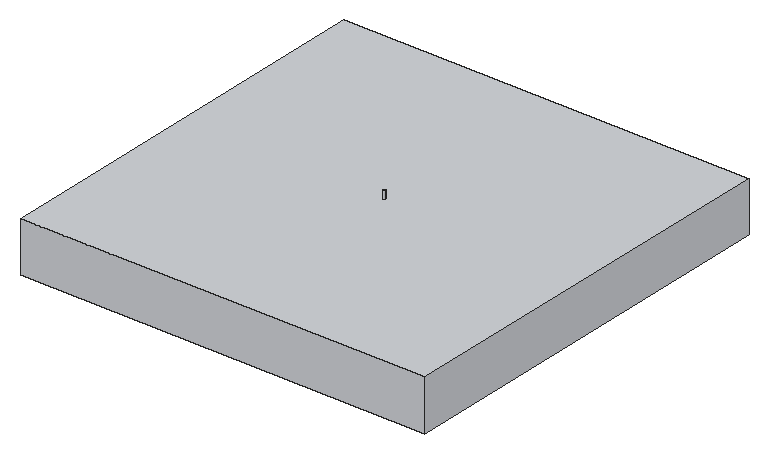
Revit family "239cbf170f544339917e9bef5d33a49b", category Sprinklers, host Face, Revit 2021
Family settings
  Host = Face
  Maintain Annotation Orientation = Yes
  Round Connector Dimension = Use Radius
  Part Type = Normal
  OmniClass Number = 23.65.70.17.11.24
  OmniClass Title = Fire Fighting Sprinkler Heads
  Seek Item ID = Sprinkler - Window - Hosted-0000-USA-ENU
  Cut with Voids When Loaded = No
  Shared = No
  Room Calculation Point = No
Parameters (values of type "1/2" Window")
  Temperature Rating = 135 °F
  Response = Standard
  Pressure Drop [instance] = 7.00 psi
  Pressure Class = Standard
  Orifice Size = 1/2"
  Orifice = Standard
  K-Factor = 5.6
  Flow [instance] = 30 GPM
  Escutcheon Diameter = Nominal Diameter  # 1/2"
  Coverage = Standard
  Nominal Diameter = Nominal Radius * 2  # 1/2"
  Nominal Radius = 1/4"
  Escutcheon Radius = 0.5 * Escutcheon Diameter  # 1/4"
  Protrusion = Overall Length - CEL  # 1 13/16"
  Overall Length = 2 1/16"
  Escutcheon Thickness = 1/8"
  Default Elevation = 8' - 0"
  CEL = 1/4"
  Assembly Code = ""
Types (2): name | Pressure Drop | Orifice Size | K-Factor | Flow | Escutcheon Diameter | Nominal Diameter | Nominal Radius | Escutcheon Radius | Protrusion | CEL
  1/2" Window | 7.00 psi | 1/2" | 5.6 | 30 GPM | 1/2" | 1/2" | 1/4" | 1/4" | 1 13/16" | 1/4"
  3/4" Window | 14.00 psi | 17/32" | 8 | 43 GPM | 3/4" | 3/4" | 3/8" | 3/8" | 1 11/16" | 3/8"
Reference planes (in)
  plane 1 "Center (Front/Back)": y = 0
  plane 2: z = 0
  plane 3 "Center (Left/Right)": x = 0
  plane 4: z = -0.25
  plane 5: z = 0.125
  plane 6: z = 1.8125
  plane 7: z = 0
Forms (in)
  Extrusion 1, solid
    sketch origin (0, 0, 0) x (1, 0, 0) y (0, 1, 0)
      loop
        line (-48, 48) -> (-48, -48) -> (48, -48) -> (48, 48) -> (-48, 48)
    from 0 to -12
  Extrusion 2, solid
    sketch origin (0, 0, 0) x (1, 0, 0) y (0, 1, 0)
      loop
        circle (0, 0) r 0.25
    from 0 to 1.8125
  Extrusion 3, solid
    sketch origin (0, 0, 0) x (1, 0, 0) y (0, 1, 0)
      loop
        circle (0, 0) r 0.25
    from 0 to 0.125
Cuts and joins
  joined: Extrusion 2, Extrusion 3
Dimensions and locks (in)
  "Escutcheon Thickness": plane 5 to level
  "Protrusion": plane 6 to level
  "Overall Length": plane 6 to plane 4
  "CEL": plane 7 to plane 4
  "Nominal Radius": radius of Extrusion 2 sketch curve
  "Escutcheon Radius": radius of Extrusion 3 sketch curve
  aligned and locked: plane 2 to Extrusion 1
  aligned and locked: level to Extrusion 1
  aligned and locked: Extrusion 3 to level
  aligned and locked: plane 5 to Extrusion 3
  aligned and locked: plane 6 to Extrusion 2
  aligned and locked: Extrusion 2 to plane 7
Automatic sketch dimensions
  Extrusion 2 sketch curve to plane 1 "Center (Front/Back)" = 0' - 0"
  Extrusion 2 sketch curve to plane 3 "Center (Left/Right)" = 0' - 0"
  Extrusion 3 sketch curve to plane 1 "Center (Front/Back)" = 0' - 0"
  Extrusion 3 sketch curve to plane 3 "Center (Left/Right)" = 0' - 0"
  Extrusion 1 sketch curve to Extrusion 1 sketch curve = 8' - 0"  (x2)
Nested families (in)
  nested 1: "Sprinkler - Symbol - Window" at (0, 0, 0), type "Sprinkler - Symbol - Window"
Connectors (in)
  piping at (0, 0, 0), diameter 0.5, driven by "Nominal Radius", driven by "Flow", driven by "Pressure Drop"
    settings: on cut or joined group of Extrusion 2, Extrusion 3, index 1, connector inside diameter 1/2", connector length 0' - 0", flow factor 0, pipe flow 30 GPM, pressure drop 7.00 psi, fitting loss kfactor 0, connector angle 0.00°, fixture units 0, engagement length 0' - 0", angle of deflection 0.00°, flow configuration 1, flow direction 1, fitting loss method 4, system type 23, joint type 0, gender type 0, connector reference index -1, connector utility 0, adjustable connector no, is connector primary yes, connector description "In"
Definition of nested family "Sprinkler - Symbol - Window"
  Parameters
    Symbol Radius = 0.5 * Symbol Diameter  # 0' - 0 1/32"
    Symbol Diameter = 0' - 0 1/16"
  Reference planes (in)
    plane 1: y = 0
    plane 2: x = 0
  Lines and regions (in)
    detail lines
      curve 1: circle (0, 0, 0) r 0.03125 normal (0, 0, 1)
      curve 3: line (0, 0, 0) -> (-0.0221, 0.0221, 0)
      curve 4: line (0, 0, 0) -> (0.0221, 0.0221, 0)
    reference lines
      curve 2: circle (0, 0, 0) r 0.03125 normal (0, 0, 1)
  Dimensions and locks (in)
    "Symbol Radius": radius of curve 1
    angle curve 4 to plane 2 to curve 3 = 45.00°, 45.00°
  Automatic sketch dimensions
    curve 2 to plane 1 = 0' - 0"
    curve 2 to plane 2 = 0' - 0"
    curve 3 to plane 1 = 0' - 0"
    curve 3 to plane 2 = 0' - 0"
    curve 1 to plane 1 = 0' - 0"
    curve 1 to plane 2 = 0' - 0"
    radius of curve 2 = 0' - 0 1/32"
